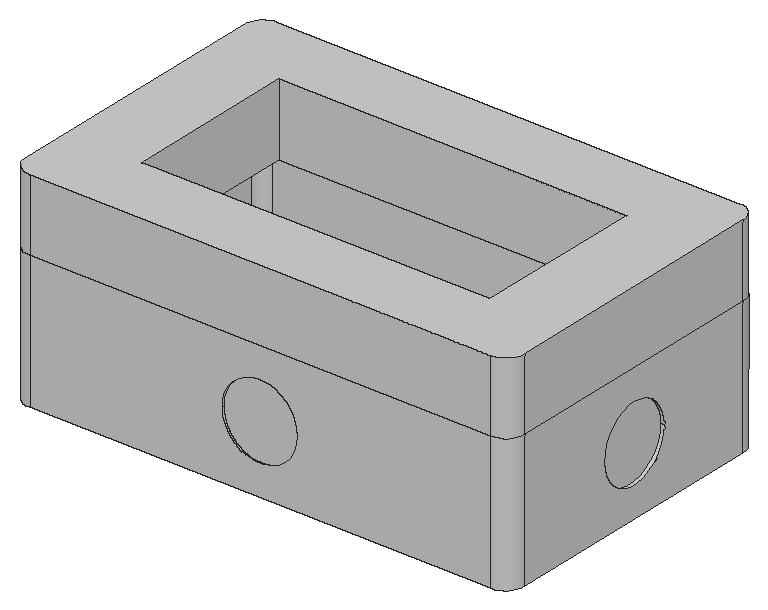
Revit family "Domotics-SerieCivili-GEWISS-27COMBI_SYSTEM-IP40_1P_2P_3P_4P", category Apparecchi elettrici, host Superficie, Revit 2016
Family settings
  Host = Superficie
  Mantenere orientamento annotazione = Sì
  Tipo di parte = Normale
  Quota connettore circolare = Usa diametro
  Numero OmniClass = 23.80.30.14.24
  Titolo OmniClass = Junction Boxes
  Taglio con vuoti quando caricato = Sì
  Condiviso = No
  Punto di calcolo locali = No
Parameters (values of type "GW27004 - 4 posti")
  Viti coperchio = "Acciaio resistente alla corrosione"
  Versione file RFA = "19.4"
  URL = "https://www.gewiss.com/it/it"
  Tipo sfondabili = "Asportabili con utensile"
  Tipo = SYSTEM CONTENITORI IP40_BASE : GW27004 - 4 posti
  Termopressione con biglia = "70 °C"
  Temperatura di installazione = "-25 +60 °C"
  Scheda Tecnica = "https://www.gewiss.com/it/it/search?q=GW27004"
  SEO = "Contenitore"
  SCATOLA = GEWISS GRIGIO
  Resistenza agli urti = "IK07"
  Produttore = "GEWISS S.p.A."
  Offset contenitore [instance] = 0 mm
  Offset bidimensionale [instance] = Offset contenitore + 55 mm  # 55 mm
  Norma di riferimento: = "EN 60670-1"
  N. fori Ã˜ 23 sfondabili: = "Laterali 8 / Sul fondo 1"
  N. fori Ã˜ 23 sfondabili = "8"
  N. fori Ã˜ 23 con passacavo = ""
  Modello = "GW27004"
  Larghezza scatola = 132 mm
  Larghezza foro = 92 mm
  IFC.TypeObject = ""
  IFC.ExportType = ""
  IFC.ExportAs = ""
  IDT = "82b015b6-7012-4d9f-be0c-4a0004cde615"
  IDF = "dee4d375-efda-4b33-ab0b-5b1ea595e7ad"
  Grado di protezione = "IP40"
  Glow Wire Test = "650°C"
  Distanza simbolo [instance] = 231.658 mm
  Default Elevation = 1219.2 mm
  Immagine tipo = GW27004.jpg
  Dimensioni BxHxP (mm) = "132x82x55"
  Dim. esterne BxHxP (mm) = "132x82x55"
  Descrizione: = "4 posti"
  Descrizione = "CONTENITORE 4(4X1) POSTI ORIZZ.PROT."
  Creato da GEWISS S.p.A. = ""
  Coppia serraggio viti = "0,8NM"
  Colore = "Grigio RAL 7035"
  Codice Electrocod = "0212"
  Codice EAN = "8011564055278"
  Classe isolamento = "II"
  Catalogo Serie = "27COMBI"
  Catalogo = "DOMOTICS"
  Caratteristiche = "Halogen free"
  COBie.Tagnumber = ""
  COBie.CreatedOn = ""
  COBie.CreatebBy = ""
  COBie.ComponentRegisterItemID = ""
  COBie.Component.TagNumber = ""
  COBie.Component.Space = ""
  COBie.Component.SerialNumber = ""
  COBie.Component.InstallationDate = ""
  COBie.Component.Description = ""
  COBie.Component.BarCode = ""
  Bidimensionale = bidimensionale system contenitori IP40 : 4P
  Altezza simbolo [instance] = 102.729 mm
Types (4, lengths in mm): name | Tipo | Scheda Tecnica | N. fori Ã˜ 23 sfondabili: | N. fori Ã˜ 23 sfondabili | N. fori Ã˜ 23 con passacavo | Modello | Larghezza scatola | Larghezza foro | IDT | Immagine tipo | Dimensioni BxHxP (mm) | Dim. esterne BxHxP (mm) | Descrizione: | Descrizione | Codice EAN | Bidimensionale
  GW27001 - 1 posto | SYSTEM CONTENITORI IP40_BASE : GW27001 - 1 posto | "https://www.gewiss.com/it/it/search?q=GW27001" | "Laterali 3 / Sul fondo 1" | "3" | "1" | "GW27001" | 66 | 23 | "9ff6dfce-611a-42ed-b9f9-0215eab25c76" | GW27001.jpg | "66x82x55" | "66x82x55" | "1 posto" | "CONTENITORE 1 POSTO PROTETTO" | "8011564055247" | bidimensionale system contenitori IP40 : 1P
  GW27003 - 3 posti | SYSTEM CONTENITORI IP40_BASE : GW27003 - 3 posti | "https://www.gewiss.com/it/it/search?q=GW27003" | "Laterali 3 / Sul fondo 1" | "3" | "1" | "GW27003" | 99 | 69 | "7ccd304f-7a33-45e0-8739-8a2691c0075c" | GW27003.jpg | "99x82x55" | "99x82x55" | "3 posti" | "CONTENITORE 3 POSTI ORIZZ.PROT." | "8011564055261" | bidimensionale system contenitori IP40 : 3P
  GW27004 - 4 posti | SYSTEM CONTENITORI IP40_BASE : GW27004 - 4 posti | "https://www.gewiss.com/it/it/search?q=GW27004" | "Laterali 8 / Sul fondo 1" | "8" | "" | "GW27004" | 132 | 92 | "82b015b6-7012-4d9f-be0c-4a0004cde615" | GW27004.jpg | "132x82x55" | "132x82x55" | "4 posti" | "CONTENITORE 4(4X1) POSTI ORIZZ.PROT." | "8011564055278" | bidimensionale system contenitori IP40 : 4P
  GW27002 - 2 posti | SYSTEM CONTENITORI IP40_BASE : GW27002 - 2 posti | "https://www.gewiss.com/it/it/search?q=GW27002" | "Laterali 3 / Sul fondo 1" | "3" | "1" | "GW27002" | 66 | 46 | "ff55314a-fd15-43d0-a3a7-a094a22c60db" | GW27002.jpg | "66x82x55" | "66x82x55" | "2 posti" | "CONTENITORE 2 POSTI ORIZZ.PROT." | "8011564055254" | bidimensionale system contenitori IP40 : 2P
Reference planes
  plane 1 "Centro (Fronte/Retro)": y = 0
  plane 2: z = 0
  plane 3 "Centro (Sinistra/Destra)": x = 0
  plane 4: z = 0
  plane 5 "piano bidimensionale": z = 55
  plane 6: y = 41
  plane 7: y = -41
  plane 8 "1": x = 66
  plane 9 "2": x = -66
Forms (mm)
  Extrusion 1, solid, material "GEWISS GRIGIO" <- "SCATOLA", detail levels coarse
    sketch origin (0, 0, 55) x (0, -1, 0) y (1, 0, 0)
      loop
        line (41, -61) -> (41, 61)
        arc (41, 61) -> (39.536, 64.536) -> (36, 66) r 5
        line (36, 66) -> (-36, 66)
        arc (-36, 66) -> (-39.536, 64.536) -> (-41, 61) r 5
        line (-41, 61) -> (-41, -61)
        arc (-41, -61) -> (-39.536, -64.536) -> (-36, -66) r 5
        line (-36, -66) -> (36, -66)
        arc (36, -66) -> (39.536, -64.536) -> (41, -61) r 5
    from -55 to 0
Lines and regions (mm)
  Masking region 1
    outline origin (0, 0, 0) x (1, 0, 0) y (0, 0, 1)
      loop
        line (-66, 0) -> (66, 0) -> (66, 55) -> (-66, 55) -> (-66, 0)
  Masking region 2
    outline origin (0, 0, 0) x (0, 1, 0) y (0, 0, 1)
      loop
        line (41, 0) -> (41, 55) -> (-41, 55) -> (-41, 0) -> (41, 0)
  Masking region 3, detail levels medium+fine
    outline origin (0, 0, 0) x (1, 0, 0) y (0, 0, 1)
      loop
        circle (0, 18.062) r 10
  Masking region 4, detail levels medium+fine
    outline origin (0, 0, 0) x (0, 1, 0) y (0, 0, 1)
      loop
        circle (0, 18.105) r 12
  Masking region 5
    outline origin (0, 0, 55) x (0, -1, 0) y (1, 0, 0)
      loop
        line (22.5, -46) -> (22.5, 46) -> (-22.5, 46) -> (-22.5, -46) -> (22.5, -46)
  model lines, style "PULSANTI", detail levels coarse
    curve 1: line (-28, -41, 55) -> (28, -41, 55)
Dimensions and locks
  "Offset contenitore": plane 4 to host face
  "Offset bidimensionale": plane 5 "piano bidimensionale" to plane 2
  equal spacing: plane 9 "2", plane 3 "Centro (Sinistra/Destra)", plane 8 "1"
  equal spacing: plane 6, plane 1 "Centro (Fronte/Retro)", plane 7
  "Larghezza scatola": plane 9 "2" to plane 8 "1"
  aligned and locked: plane 2 to host face
  aligned and locked: level to host face
  aligned and locked: plane 1 "Centro (Fronte/Retro)" to nested 1
  aligned and locked: plane 3 "Centro (Sinistra/Destra)" to nested 1
  aligned and locked: plane 1 "Centro (Fronte/Retro)" to nested 2
  aligned and locked: nested 2 to plane 5 "piano bidimensionale"
  aligned and locked: Extrusion 1 sketch curve to nested 2  (x4)
  aligned and locked: Extrusion 1 to plane 4
  aligned and locked: plane 5 "piano bidimensionale" to Extrusion 1
  aligned and locked: plane 4 to Extrusion 1  (x2)
  aligned and locked: plane 6 to Extrusion 1
  aligned and locked: plane 7 to Extrusion 1
  aligned and locked: Masking region 1 sketch curve to Extrusion 1
  aligned and locked: Masking region 2 sketch curve to Extrusion 1  (x2)
  aligned and locked: plane 6 to Masking region 2
  aligned and locked: plane 8 "1" to Masking region 1
  aligned and locked: Masking region 1 to plane 9 "2"
  aligned and locked: Masking region 5 sketch curve to nested 2  (x4)
Automatic sketch dimensions
  host sketch curve to host sketch curve = 2438.4 mm  (x2)
  plane 1 "Centro (Fronte/Retro)" to curve 1 = 41 mm
  plane 3 "Centro (Sinistra/Destra)" to curve 1 = 28 mm
  curve 1 to plane 3 "Centro (Sinistra/Destra)" = 28 mm
  Extrusion 1 sketch curve to Extrusion 1 sketch curve = 5 mm  (x3)
  plane 1 "Centro (Fronte/Retro)" to Extrusion 1 sketch curve = 36 mm
  Masking region 2 sketch curve to plane 5 "piano bidimensionale" = 0 mm
  Masking region 1 sketch curve to plane 5 "piano bidimensionale" = 0 mm
  Masking region 1 sketch curve to plane 9 "2" = 0 mm
  plane 8 "1" to Masking region 1 sketch curve = 0 mm
  Masking region 2 sketch curve to plane 6 = 0 mm
  Masking region 3 sketch curve to plane 3 "Centro (Sinistra/Destra)" = 0 mm
  plane 4 to Masking region 3 sketch curve = 18.062 mm
  Masking region 4 sketch curve to plane 1 "Centro (Fronte/Retro)" = 0 mm
  plane 4 to Masking region 4 sketch curve = 18.105 mm
  radius of Masking region 3 sketch curve = 10 mm
  radius of Masking region 4 sketch curve = 12 mm
Nested families
  nested 1: "SYSTEM CONTENITORI IP40_BASE" at (0, 0, 0), type <- "Tipo", built-in parameter 1001364 <- "Offset contenitore", type "GW27004 - 4 posti"
  nested 2: "bidimensionale system contenitori IP40" at (0, 0, 55), type <- "Bidimensionale", type "4P", detail levels coarse
Connectors
  cabletrayconduit at (0, -41, 18), diameter 20
    settings: on nested 1, index 2, connector width 300 mm, connector height 300 mm, connector angle 0.00°, system type 32, placement type 0, profile type 0, connector reference index -1, is primary connector yes, connector utility param no, connector description ""
  cabletrayconduit at (0, 41, 18), diameter 20
    settings: on nested 1, index 5, connector width 300 mm, connector height 300 mm, connector angle 0.00°, system type 32, placement type 0, profile type 0, connector reference index -1, is primary connector no, connector utility param no, connector description ""
  cabletrayconduit at (-66, 0, 38.125), diameter 23
    settings: index 6, connector width 300 mm, connector height 300 mm, connector angle 0.00°, system type 32, placement type 0, profile type 0, connector reference index -1, is primary connector no, connector utility param no, connector description ""
  cabletrayconduit at (66, 0, 38.125), diameter 23
    settings: index 7, connector width 300 mm, connector height 300 mm, connector angle 0.00°, system type 32, placement type 0, profile type 0, connector reference index -1, is primary connector no, connector utility param no, connector description ""
Definition of nested family "SYSTEM CONTENITORI IP40_BASE"
  Parameters (values of type "GW27001 - 1 posto")
    SCATOLA = none
    PRESA = none
    Profondità scatola = 55 mm  # constant formula
    Larghezza scatola = 66 mm
    Larghezza foro = 23 mm
    Bidimensionale = 70 mm
    Altezza scatola = 82 mm
  Types (4, lengths in mm): name | Larghezza scatola | Larghezza foro
    GW27001 - 1 posto | 66 | 23
    GW27002 - 2 posti | 66 | 46
    GW27003 - 3 posti | 99 | 69
    GW27004 - 4 posti | 132 | 92
  Reference planes
    plane 1 "Centro (Fronte/Retro)": y = 0
    plane 2: z = 0
    plane 3 "Centro (Sinistra/Destra)": x = 0
    plane 4: y = -41
    plane 5: y = 41
    plane 6: x = -33
    plane 7: x = 33
    plane 8 "PIANO BIDIMENSIONALE": z = 70
    plane 9: z = 55
    plane 10: x = -11.5
    plane 11: x = 11.5
    plane 12: y = 22.5
    plane 13: y = -22.5
  Forms (mm)
    Extrusion 1, solid, material <- "SCATOLA", detail levels medium+fine
      sketch origin (0, 0, 66) x (0, -1, 0) y (1, 0, 0)
        loop
          arc (-41, -28) -> (-39.536, -31.536) -> (-36, -33) r 5
          line (-36, -33) -> (36, -33)
          arc (36, -33) -> (39.536, -31.536) -> (41, -28) r 5
          line (41, -28) -> (41, 28)
          arc (41, 28) -> (39.536, 31.536) -> (36, 33) r 5
          line (36, 33) -> (-36, 33)
          arc (-36, 33) -> (-39.536, 31.536) -> (-41, 28) r 5
          line (-41, 28) -> (-41, -28)
        loop
          line (39, -28) -> (39, 28)
          arc (39, 28) -> (38.121, 30.121) -> (36, 31) r 3
          line (36, 31) -> (-36, 31)
          arc (-36, 31) -> (-38.121, 30.121) -> (-39, 28) r 3
          line (-39, 28) -> (-39, -28)
          arc (-39, -28) -> (-38.121, -30.121) -> (-36, -31) r 3
          line (-36, -31) -> (36, -31)
          arc (36, -31) -> (38.121, -30.121) -> (39, -28) r 3
      from -66 to -30
    Extrusion 2, solid, material <- "SCATOLA", detail levels medium+fine
      sketch origin (0, 0, 0) x (1, 0, 0) y (0, 0, 1)
        loop
          circle (0, 18) r 16
      from -43 to -41
    Extrusion 3, solid, material <- "SCATOLA", detail levels medium+fine
      sketch origin (0, 41, 0) x (-1, 0, 0) y (0, 0, 1)
        loop
          circle (0, 18) r 13
      from 5 to 3
    Extrusion 4, solid, material <- "SCATOLA", detail levels medium+fine
      sketch origin (0, 41, 0) x (-1, 0, 0) y (0, 0, 1)
        loop
          circle (0, 18) r 10
      from 8 to 6
    Extrusion 5, solid, material <- "SCATOLA", detail levels medium+fine
      sketch origin (0, 41, 0) x (-1, 0, 0) y (0, 0, 1)
        loop
          circle (0, 18) r 3
      from 2 to 6
    Extrusion 6, void, detail levels medium+fine
      sketch origin (0, 0, 0) x (0, 1, 0) y (0, 0, 1)
        loop
          circle (0, 18) r 10
      from 31.916 to 33
    Extrusion 7, void, detail levels medium+fine
      sketch origin (0, 0, 0) x (1, 0, 0) y (0, 0, 1)
        loop
          circle (0, 18) r 10
      from 40.592 to 41
    Extrusion 8, void, detail levels medium+fine
      sketch origin (0, 0, 0) x (0, 1, 0) y (0, 0, -1)
        loop
          circle (0, -18) r 11.5
      from 31.754 to 33
    Extrusion 9, void, detail levels medium+fine
      sketch origin (0, 0, 0) x (1, 0, 0) y (0, 0, -1)
        loop
          circle (0, -18) r 10
      from 40.592 to 41
    Extrusion 10, solid, material <- "SCATOLA", detail levels medium+fine
      sketch origin (0, 0, 70) x (-1, 0, 0) y (0, -1, 0)
        loop
          arc (28, -41) -> (31.536, -39.536) -> (33, -36) r 5
          line (33, -36) -> (33, 36)
          arc (33, 36) -> (31.536, 39.536) -> (28, 41) r 5
          line (28, 41) -> (-28, 41)
          arc (-28, 41) -> (-31.536, 39.536) -> (-33, 36) r 5
          line (-33, 36) -> (-33, -36)
          arc (-33, -36) -> (-31.536, -39.536) -> (-28, -41) r 5
          line (-28, -41) -> (28, -41)
        loop
          line (-11.5, 22.5) -> (-11.5, -22.5) -> (11.5, -22.5) -> (11.5, 22.5) -> (-11.5, 22.5)
      from -34 to -15
    Extrusion 11, solid, material <- "SCATOLA", detail levels medium+fine
      sketch origin (0, 0, 0) x (1, 0, 0) y (0, 1, 0)
        loop
          line (-31, 36) -> (-31, -36)
          arc (-31, -36) -> (-30.121, -38.121) -> (-28, -39) r 3
          line (-28, -39) -> (28, -39)
          arc (28, -39) -> (30.121, -38.121) -> (31, -36) r 3
          line (31, -36) -> (31, 36)
          arc (31, 36) -> (30.121, 38.121) -> (28, 39) r 3
          line (28, 39) -> (-28, 39)
          arc (-28, 39) -> (-30.121, 38.121) -> (-31, 36) r 3
      from 0 to 2
  Cuts and joins
    Extrusion 6, Extrusion 7, Extrusion 8, Extrusion 9 cuts Extrusion 1
  Lines and regions (mm)
    Masking region 1
      outline origin (0, 0, 70) x (-1, 0, 0) y (0, -1, 0)
        loop
          circle (-28, -36) r 2
        loop
          line (11.5, -22.5) -> (11.5, 22.5) -> (-11.5, 22.5) -> (-11.5, -22.5) -> (11.5, -22.5)
        loop
          line (33, -36) -> (33, 36)
          arc (33, 36) -> (31.536, 39.536) -> (28, 41) r 5
          line (28, 41) -> (-28, 41)
          arc (-28, 41) -> (-31.536, 39.536) -> (-33, 36) r 5
          line (-33, 36) -> (-33, -36)
          arc (-33, -36) -> (-31.536, -39.536) -> (-28, -41) r 5
          line (-28, -41) -> (28, -41)
          arc (28, -41) -> (31.536, -39.536) -> (33, -36) r 5
        loop
          circle (28, 36) r 2
    Masking region 2
      outline origin (0, 0, 70) x (-1, 0, 0) y (0, -1, 0)
        loop
          circle (-28, -36) r 2
        loop
          circle (28, 36) r 2
  Dimensions and locks
    equal spacing: plane 4, plane 1 "Centro (Fronte/Retro)", plane 5
    plane 4 to plane 5 = 82 mm
    equal spacing: plane 6, plane 3 "Centro (Sinistra/Destra)", plane 7
    "Larghezza scatola": plane 6 to plane 7
    equal spacing: plane 5, plane 1 "Centro (Fronte/Retro)", plane 4
    "Altezza scatola": plane 5 to plane 4
    "Bidimensionale": plane 8 "PIANO BIDIMENSIONALE" to level
    "Profondità scatola": plane 9 to plane 2
    equal spacing: plane 12, plane 1 "Centro (Fronte/Retro)", plane 13
    "Larghezza foro": plane 10 to plane 11
    equal spacing: plane 10, plane 3 "Centro (Sinistra/Destra)", plane 11
    locked: cut or joined group of Extrusion 1, Extrusion 6, Extrusion 7, Extrusion 8, Extrusion 9 to Extrusion 10 at 1.084
    locked: Extrusion 10 to cut or joined group of Extrusion 1, Extrusion 6, Extrusion 7, Extrusion 8, Extrusion 9 at 1.246
    aligned and locked: level to plane 2
    aligned and locked: Extrusion 5 to Extrusion 2
    aligned and locked: Extrusion 5 to Extrusion 4
    aligned and locked: Extrusion 1 to Extrusion 8
    aligned and locked: Masking region 1 to plane 12
    aligned and locked: plane 10 to Masking region 1
    aligned and locked: Masking region 1 to plane 11
    aligned and locked: plane 13 to Masking region 1
    aligned and locked: Extrusion 10 sketch curve to cut or joined group of Extrusion 1, Extrusion 6, Extrusion 7, Extrusion 8, Extrusion 9  (x4)
    aligned and locked: Extrusion 10 sketch curve to Masking region 1  (x4)
    aligned and locked: Extrusion 10 to cut or joined group of Extrusion 1, Extrusion 6, Extrusion 7, Extrusion 8, Extrusion 9
    aligned and locked: Extrusion 10 to plane 6
    aligned and locked: plane 7 to Extrusion 10
    aligned and locked: Extrusion 11 sketch curve to cut or joined group of Extrusion 1, Extrusion 6, Extrusion 7, Extrusion 8, Extrusion 9  (x4)
    aligned and locked: plane 7 to Extrusion 6
    aligned and locked: cut or joined group of Extrusion 1, Extrusion 6, Extrusion 7, Extrusion 8, Extrusion 9 to plane 2
  Automatic sketch dimensions
    Extrusion 1 sketch curve to plane 5 = 0 mm
    Extrusion 1 sketch curve to plane 6 = 0 mm
    Extrusion 1 sketch curve to plane 7 = 0 mm
    Extrusion 1 sketch curve to plane 4 = 0 mm
    Extrusion 1 sketch curve to Extrusion 1 sketch curve = 5 mm  (x2)
    plane 4 to Extrusion 1 sketch curve = 5 mm  (x2)
    Extrusion 2 sketch curve to plane 3 "Centro (Sinistra/Destra)" = 0 mm
    level to Extrusion 2 sketch curve = 18 mm
    Extrusion 3 sketch curve to plane 3 "Centro (Sinistra/Destra)" = 0 mm
    level to Extrusion 3 sketch curve = 18 mm
    Extrusion 4 sketch curve to plane 3 "Centro (Sinistra/Destra)" = 0 mm
    level to Extrusion 4 sketch curve = 18 mm
    Extrusion 5 sketch curve to plane 3 "Centro (Sinistra/Destra)" = 0 mm
    level to Extrusion 5 sketch curve = 18 mm
    Extrusion 6 sketch curve to plane 1 "Centro (Fronte/Retro)" = 0 mm
    level to Extrusion 6 sketch curve = 18 mm
    Extrusion 7 sketch curve to plane 3 "Centro (Sinistra/Destra)" = 0 mm
    level to Extrusion 7 sketch curve = 18 mm
    Extrusion 8 sketch curve to plane 1 "Centro (Fronte/Retro)" = 0 mm
    level to Extrusion 8 sketch curve = 18 mm
    Extrusion 9 sketch curve to plane 3 "Centro (Sinistra/Destra)" = 0 mm
    level to Extrusion 9 sketch curve = 18 mm
    Masking region 1 sketch curve to Masking region 1 sketch curve = 0 mm  (x4)
    Masking region 1 sketch curve to plane 7 = 0 mm
    Masking region 1 sketch curve to plane 5 = 0 mm
    Masking region 1 sketch curve to plane 4 = 0 mm
    Masking region 1 sketch curve to plane 6 = 0 mm
    Masking region 1 sketch curve to plane 7 = 5 mm
    plane 4 to Masking region 1 sketch curve = 5 mm
    Masking region 1 sketch curve to plane 7 = 21.5 mm
    plane 6 to Masking region 1 sketch curve = 5 mm
    Masking region 1 sketch curve to plane 5 = 5 mm
    Masking region 1 sketch curve to Masking region 1 sketch curve = 13.5 mm  (x2)
    Masking region 1 sketch curve to Masking region 1 sketch curve = 2 mm
    plane 6 to Masking region 1 sketch curve = 21.5 mm
    Extrusion 10 sketch curve to Extrusion 10 sketch curve = 5 mm
    plane 4 to Extrusion 10 sketch curve = 5 mm  (x2)
    Extrusion 10 sketch curve to plane 7 = 5 mm
    Extrusion 1 sketch curve to Extrusion 1 sketch curve = 0 mm  (x7)
    Extrusion 1 sketch curve to Extrusion 1 sketch curve = 2 mm
    Extrusion 11 sketch curve to Extrusion 11 sketch curve = 3 mm  (x2)
    Extrusion 11 sketch curve to plane 7 = 5 mm  (x2)
    Masking region 2 sketch curve to plane 7 = 5 mm
    Masking region 2 sketch curve to plane 5 = 5 mm
    Masking region 2 sketch curve to Masking region 2 sketch curve = 2 mm  (x2)
    Masking region 2 sketch curve to Masking region 2 sketch curve = 0 mm  (x2)
    plane 6 to Masking region 2 sketch curve = 5 mm
    plane 4 to Masking region 2 sketch curve = 5 mm
    radius of Extrusion 2 sketch curve = 16 mm
    radius of Extrusion 3 sketch curve = 13 mm
    radius of Extrusion 4 sketch curve = 10 mm
    radius of Extrusion 5 sketch curve = 3 mm
    radius of Extrusion 6 sketch curve = 10 mm
    radius of Extrusion 7 sketch curve = 10 mm
    radius of Extrusion 8 sketch curve = 11.5 mm
    radius of Extrusion 9 sketch curve = 10 mm
    radius of Masking region 1 sketch curve = 2 mm
Definition of nested family "bidimensionale system contenitori IP40"
  Parameters (values of type "1P")
    Larghezza scatola = 66 mm
    Larghezza foro = 23 mm
    Altezza scatola = 82 mm
  Types (4, lengths in mm): name | Larghezza scatola | Larghezza foro
    1P | 66 | 23
    2P | 66 | 46
    3P | 99 | 69
    4P | 132 | 92
  Reference planes
    plane 1 "Centro (Fronte/Retro)": y = 0
    plane 2: z = 0
    plane 3 "Centro (Sinistra/Destra)": x = 0
    plane 4: x = -33
    plane 5: x = 33
    plane 6: y = 41
    plane 7: y = -41
    plane 8: x = 11.5
    plane 9: x = -11.5
    plane 10: y = 22.5
    plane 11: y = -22.5
  Lines and regions (mm)
    model lines
      curve 1: arc (-28, 41, 0) -> (-31.536, 39.536, 0) -> (-33, 36, 0) r 5
      curve 2: line (-33, 36, 0) -> (-33, -36, 0)
      curve 3: arc (-33, -36, 0) -> (-31.536, -39.536, 0) -> (-28, -41, 0) r 5
      curve 4: line (-28, -41, 0) -> (28, -41, 0)
      curve 5: arc (28, -41, 0) -> (31.536, -39.536, 0) -> (33, -36, 0) r 5
      curve 6: line (33, -36, 0) -> (33, 36, 0)
      curve 7: arc (33, 36, 0) -> (31.536, 39.536, 0) -> (28, 41, 0) r 5
      curve 8: line (28, 41, 0) -> (-28, 41, 0)
      curve 9: circle (-28, -36, 0) r 2 normal (0, 0, 1)
      curve 10: line (11.5, -22.5, 0) -> (-11.5, -22.5, 0)
      curve 11: line (-11.5, -22.5, 0) -> (-11.5, 22.5, 0)
      curve 12: line (-11.5, 22.5, 0) -> (-11.5, 23.5, 0)
      curve 13: arc (-11.5, 23.5, 0) -> (-10.914, 24.914, 0) -> (-9.5, 25.5, 0) r 2
      curve 14: line (-9.5, 25.5, 0) -> (9.5, 25.5, 0)
      curve 15: arc (9.5, 25.5, 0) -> (10.914, 24.914, 0) -> (11.5, 23.5, 0) r 2
      curve 16: line (11.5, 23.5, 0) -> (11.5, 22.5, 0)
      curve 17: line (11.5, 22.5, 0) -> (11.5, -22.5, 0)
      curve 18: line (-11.5, 22.5, 0) -> (11.5, 22.5, 0)
      curve 19: circle (28, 36, 0) r 2 normal (0, 0, 1)
  Dimensions and locks
    equal spacing: plane 6, plane 1 "Centro (Fronte/Retro)", plane 7
    equal spacing: plane 4, plane 3 "Centro (Sinistra/Destra)", plane 5
    "Altezza scatola": plane 6 to plane 7
    "Larghezza scatola": plane 4 to plane 5
    equal spacing: plane 9, plane 3 "Centro (Sinistra/Destra)", plane 8
    "Larghezza foro": plane 9 to plane 8
    equal spacing: plane 10, plane 1 "Centro (Fronte/Retro)", plane 11
    plane 10 to plane 11 = 45 mm
    aligned and locked: level to plane 2
    aligned and locked: plane 9 to curve 11
    aligned and locked: curve 17 to plane 8
    aligned and locked: curve 2 to plane 4
    aligned and locked: plane 5 to curve 6
    aligned and locked: plane 6 to curve 8
    aligned and locked: curve 4 to plane 7
    aligned and locked: curve 18 to plane 10
    aligned and locked: plane 11 to curve 10
  Automatic sketch dimensions
    curve 2 to curve 3 = 5 mm
    curve 2 to curve 1 = 5 mm
    curve 4 to plane 5 = 5 mm
    curve 8 to plane 5 = 5 mm
    curve 3 to curve 9 = 0 mm  (x2)
    curve 13 to curve 13 = 2 mm
    curve 15 to curve 16 = 2 mm
    curve 11 to curve 13 = 1 mm
    curve 7 to curve 19 = 0 mm  (x2)
    radius of curve 9 = 2 mm
    radius of curve 19 = 2 mm
